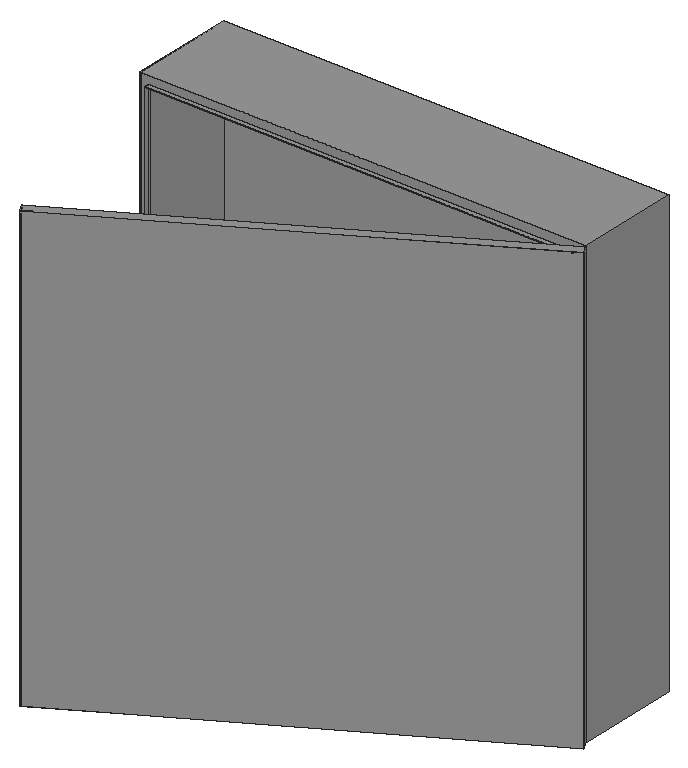
Revit family "Hager-Univers-IP44-D205-H800-Cl.I-Encl-NoHosted-CH-en", category Equipement électrique, Revit 2020
Family settings
  Configuration du panneau = Deux colonnes, circuits au sein
  Cote de connecteur circulaire = Utiliser le diamètre
  Type d'élément = Tableau de raccordement
  Basée sur le plan de construction = Oui
  Toujours verticalement = Oui
  Couper avec des vides une fois chargée = Non
  Partagée = Non
  Point de calcul de pièce = Non
Parameters (values of type "Surface mounted (plaster) IP44 W800 H800 D205  - FP53TN2")
  Width Control [instance] = if([EF000008 - Width] > Min Width, [EF000008 - Width], Min Width)  # 800 mm
  Commentaires du type = [HG000003 - Range]  # "Univers"
  Thickness Door [instance] = if([EF009171 - Material plate thickness door/cover] > 3 mm, 3 mm, [EF009171 - Material plate thickness door/cover])  # 1 mm
  Seal Frame Offset [instance] = 17 mm  # constant formula
  Plinth Visibility [instance] = [HG000027 - Plinth height] > 0 mm  # no
  Min Width [instance] = 100 mm  # constant formula
  Min Depth [instance] = (2 * [EF009170 - Material plate thickness cabinet]) + 1 mm  # 3 mm
  Min Height [instance] = 100 mm  # constant formula
  Internal Frame Depth [instance] = (Door System Depth * 0.5)  # 9 mm
  Panel Name [instance] = ""  # (empty or 0)
  Model = ""
  HG000027 - Plinth height = 0 mm
  HG000026 - Floor standing = no
  HG000024 - Bottom section height = 600 mm
  HG000023 - Double section enclosure = no
  HG000016 - Door 3d visibility [instance] = yes
  HG000015 - Clearance visibility [instance] = no
  HG000014 - Door on the right [instance] = yes
  HG000013 - Door on the left [instance] = not([HG000014 - Door on the right])  # no
  HG000012 - Door swing angle [instance] = 30.00°
  HG000010 - Asymmetric doors = no
  HG000009 - Double swing door = no
  HG000006 - Flush mounted = no
  HG000004 - Manufacturer reference = "FP53TN2"
  HG000003 - Range = "Univers"
  HG000002 - With door or cover = yes
  Frame Offset Bottom [instance] = 10 mm  # constant formula
  Frame Offset [instance] = 15 mm  # constant formula
  EF015940 - Cover with overpressure release = no
  EF011959 - Degree of protection (NEMA) = ""
  EF009554 - Number of openings for flange plates = 6
  EF009212 - Cover model = "EV000116 - Closed"
  EF009171 - Material plate thickness door/cover = 1 mm
  EF009170 - Material plate thickness cabinet = 1 mm
  EF008873 - Nominal current (In) = 250 A
  EF007800 - Suitable for lightning protection = no
  EF006306 - With lock = no
  EF006244 - Transparent cover/door = no
  EF005474 - Degree of protection (IP) = "EV006418 - IP44"
  EF004464 - Type of door = "EV002646 - Single"
  EF004427 - Number of modules = 180
  EF004293 - Impact strength = "EV006815 - IK09"
  EF003532 - Suitable for outdoor use = no
  EF002950 - Width in number of modular spacings = 36
  EF001613 - Circuit integrity = "EV000494 - None"
  EF001596 - Material housing = "EV000179 - Steel"
  EF001131 - Internal depth = 205 mm
  EF001088 - Extension possible = yes
  EF000437 - Number of conduit inlets = 6
  EF000339 - Type of cover = "EV001012 - Cover"
  EF000266 - Number of rows = 5
  EF000218 - Built-in depth = 205 mm
  EF000118 - With mounting plate = no
  EF000116 - RAL-number = "9010"
  EF000049 - Depth = 205 mm
  EF000040 - Height = 800 mm
  EF000008 - Width = 800 mm
  EF000007 - Colour = "EV000202 - White"
  EF000003 - Mounting method = "EV000384 - Surface mounted (plaster)"
  Door System Leaf Tolerance [instance] = 1.5 mm  # constant formula
  Door System Depth [instance] = 18 mm  # constant formula
  Door Height [instance] = Height Control - [HG000027 - Plinth height]  # 800 mm
  Description = ""
  Default Elevation = 1219.2 mm
  Connector Offset [instance] = Height Control / 2  # 400 mm
  Fabricant = "Hager"  # constant formula
  Height Control [instance] = if([EF000040 - Height] > Min Height, [EF000040 - Height], Min Height)  # 800 mm
  Depth Control [instance] = if([EF000049 - Depth] > Min Depth, [EF000049 - Depth], Min Depth)  # 205 mm
  Bottom Top Plate Trim [instance] = 1.5 mm  # constant formula
  Plinth height Ctrl [instance] = if([HG000027 - Plinth height] > 0 mm, [HG000027 - Plinth height], 12 mm)  # 12 mm
Types (10, lengths in mm): name | Width Control | HG000010 - Asymmetric doors | HG000009 - Double swing door | HG000004 - Manufacturer reference | EF009554 - Number of openings for flange plates | EF004464 - Type of door | EF004427 - Number of modules | EF002950 - Width in number of modular spacings | EF000437 - Number of conduit inlets | EF000218 - Built-in depth | EF000008 - Width
  Surface mounted (plaster) IP44 W1050 H800 D205  - FP54QT | 1050 | no | no | "FP54QT" | 8 | "EV003602 - Double" | 240 | 48 | 8 | 0 | 1050
  Surface mounted (plaster) IP44 W1050 H800 D205  - FP54TN2 | 1050 | no | yes | "FP54TN2" | 8 | "EV003602 - Double" | 240 | 48 | 8 | 205 | 1050
  Surface mounted (plaster) IP44 W1300 H800 D205  - FP55QT | 1300 | no | no | "FP55QT" | 10 | "EV003602 - Double" | 300 | 60 | 10 | 0 | 1300
  Surface mounted (plaster) IP44 W1300 H800 D205  - FP55TN2 | 1300 | yes | yes | "FP55TN2" | 10 | "EV003602 - Double" | 300 | 60 | 10 | 205 | 1300
  Surface mounted (plaster) IP44 W300 H800 D205  - FP51QT | 300 | no | no | "FP51QT" | 2 | "EV002646 - Single" | 60 | 12 | 2 | 0 | 300
  Surface mounted (plaster) IP44 W300 H800 D205  - FP51TN2 | 300 | no | no | "FP51TN2" | 2 | "EV002646 - Single" | 60 | 12 | 2 | 205 | 300
  Surface mounted (plaster) IP44 W550 H800 D205  - FP52QT | 550 | no | no | "FP52QT" | 4 | "EV002646 - Single" | 120 | 24 | 4 | 0 | 550
  Surface mounted (plaster) IP44 W550 H800 D205  - FP52TN2 | 550 | no | no | "FP52TN2" | 4 | "EV002646 - Single" | 120 | 24 | 4 | 205 | 550
  Surface mounted (plaster) IP44 W800 H800 D205  - FP53QT | 800 | no | no | "FP53QT" | 6 | "EV002646 - Single" | 180 | 36 | 6 | 0 | 800
  Surface mounted (plaster) IP44 W800 H800 D205  - FP53TN2 | 800 | no | no | "FP53TN2" | 6 | "EV002646 - Single" | 180 | 36 | 6 | 205 | 800
Reference planes
  plane 1 "Center (Front/Back)": y = 0
  plane 2: z = 0
  plane 3 "Center (Left/Right)": x = 0
  plane 4: y = 0
  plane 5: y = 0
  plane 6: z = 0
  plane 7: x = -400
  plane 8: x = 400
  plane 9: x = 399
  plane 10: x = -399
  plane 11: z = 0
  plane 12: z = 1
  plane 13: y = -205
  plane 14: y = -1
  plane 15: x = 0
  plane 16: y = -187
  plane 17: y = -204
  plane 18: y = -186
  plane 19: x = -384
  plane 20: x = 384
  plane 21: z = 11
  plane 22: x = -383
  plane 23: x = 383
  plane 24: z = 0
  plane 25: z = 800
  plane 26: z = 800
  plane 27: z = 784
  plane 28: z = 799
Forms (mm)
  Extrusion 1, solid, material "Hager_Steel_RAL7035_Light_Grey", detail levels medium+fine
    sketch origin (-208.679, -4572, 0) x (-1, 0, 0) y (0, -1, 0)
      loop
        line (191.321, -4385) -> (-608.679, -4385) -> (-608.679, -4572) -> (191.321, -4572) -> (191.321, -4385)
    from 0 to 800
  Extrusion 2, void
    sketch origin (-350.771, -205, 1219.2) x (1, 0, 0) y (0, 0, 1)
      loop
        line (-48.229, -420.2) -> (-48.229, -1218.2) -> (749.771, -1218.2) -> (749.771, -420.2) -> (-48.229, -420.2)
    from -19 to -204
  Extrusion 3, void
    sketch origin (-290.084, -187, 1219.2) x (1, 0, 0) y (0, 0, 1)
      loop
        line (-93.916, -1208.2) -> (674.084, -1208.2) -> (674.084, -435.2) -> (-93.916, -435.2) -> (-93.916, -1208.2)
    from 0 to -1
  Extrusion 4, solid, material "Hager_Steel_RAL7035_Light_Grey", visible <- "Plinth Visibility", detail levels medium+fine
    sketch origin (0, 0, 0) x (1, 0, 0) y (0, 1, 0)
      loop
        line (-400, 0) -> (-400, -187) -> (400, -187) -> (400, 0) -> (-400, 0)
    from 0 to 12 <- "Plinth height Ctrl"
  Extrusion 5, solid, material "Hager_Steel_RAL7035_Light_Grey", detail levels coarse
    sketch origin (0, 0, 0) x (1, 0, 0) y (0, 1, 0)
      loop
        line (-400, 0) -> (-400, -205) -> (400, -205) -> (400, 0) -> (-400, 0)
    from 0 to 800 <- "Height Control"
  Sweep 6, void
    path in 3D
      loop
        line (-400, -187, 12) -> (400, -187, 12) -> (400, 0, 12) -> (-400, 0, 12) -> (-400, -187, 12)
    profile origin (-400, -93.5, 12) x (1, 0, 0) y (0, 0, 1)
      loop
        line (0, 0) -> (0, -1.5) -> (1.5, -1.5)
        arc (1.5, -1.5) -> (1.061, -0.439) -> (0, 0) r 1.5
  Extrusion 7, solid, material "Hager_Steel_RAL7035_Light_Grey", detail levels fine
    sketch origin (-400, -187, 0) x (1, 0, 0) y (0, 0, 1)
      loop
        line (16, 11) -> (784, 11) -> (784, 784) -> (16, 784) -> (16, 11)
      loop
        line (15, 10) -> (785, 10) -> (785, 785) -> (15, 785) -> (15, 10)
    from 0 to 9 <- "Internal Frame Depth"
Cuts and joins
  Extrusion 2, Extrusion 3 cuts Extrusion 1
  Sweep 6 cuts Extrusion 4
Lines and regions (mm)
  Masking region 1
    outline origin (0, 0, 0) x (1, 0, 0) y (0, 1, 0)
      loop
        line (-400, 0) -> (-400, -205) -> (400, -205) -> (400, 0) -> (-400, 0)
  Masking region 2, detail levels coarse
    outline origin (-290.084, -187, 1219.2) x (-1, 0, 0) y (0, 0, 1)
      loop
        line (-690.084, -1219.2) -> (109.916, -1219.2) -> (109.916, -419.2) -> (-690.084, -419.2) -> (-690.084, -1219.2)
  Masking region 3, detail levels coarse
    outline origin (0, 0, 0) x (0, 1, 0) y (0, 0, 1)
      loop
        line (0, 0) -> (0, 800) -> (-205, 800) -> (-205, 0) -> (0, 0)
  Masking region 4, visible <- "Plinth Visibility", detail levels medium+fine
    outline origin (0, 0, 0) x (0, 1, 0) y (0, 0, 1)
      loop
        line (-1.5, 12) -> (-185.5, 12)
        arc (-185.5, 12) -> (-185.939, 10.939) -> (-187, 10.5) r 1.5
        line (-187, 10.5) -> (-187, 0) -> (0, 0) -> (0, 10.5)
        arc (0, 10.5) -> (-1.061, 10.939) -> (-1.5, 12) r 1.5
  Masking region 5, detail levels medium+fine
    outline origin (0, 0, 594.038) x (0, 1, 0) y (0, 0, 1)
      loop
        line (0, -594.038) -> (0, 205.962) -> (-187, 205.962) -> (-187, -594.038) -> (0, -594.038)
  Masking region 6, detail levels medium+fine
    outline origin (-359.7, -187, 1211.883) x (-1, 0, 0) y (0, 0, 1)
      loop
        line (-759.7, -1211.883) -> (40.3, -1211.883) -> (40.3, -411.883) -> (-759.7, -411.883) -> (-759.7, -1211.883)
  Masking region 7, visible <- "Plinth Visibility", detail levels medium+fine
    outline origin (-320.334, -187, 1041.368) x (-1, 0, 0) y (0, 0, 1)
      loop
        line (-720.334, -1041.368) -> (79.666, -1041.368) -> (79.666, -1030.868)
        arc (79.666, -1030.868) -> (78.606, -1030.429) -> (78.166, -1029.368) r 1.5
        line (78.166, -1029.368) -> (-718.834, -1029.368)
        arc (-718.834, -1029.368) -> (-719.273, -1030.429) -> (-720.334, -1030.868) r 1.5
        line (-720.334, -1030.868) -> (-720.334, -1041.368)
  sketch lines
    curve 1: line (-400, 0, 12) -> (-400, -187, 12)
    curve 2: line (-400, -187, 12) -> (400, -187, 12)
    curve 3: line (400, 0, 12) -> (-400, 0, 12)
    curve 4: line (400, -187, 12) -> (400, 0, 12)
Dimensions and locks
  locked: plane 1 "Center (Front/Back)" to plane 5
  "EF009170 - Material plate thickness cabinet": plane 7 to plane 10
  "EF009170 - Material plate thickness cabinet": plane 8 to plane 9
  equal spacing: plane 7, plane 3 "Center (Left/Right)", plane 8
  "Width Control": plane 7 to plane 8
  "Depth Control": plane 4 to plane 13
  "EF009170 - Material plate thickness cabinet": plane 4 to plane 14
  "Height Control": plane 25 to level
  "HG000027 - Plinth height": plane 11 to level
  "EF009170 - Material plate thickness cabinet": plane 12 to plane 11
  "EF009170 - Material plate thickness cabinet": plane 17 to plane 13
  "EF009170 - Material plate thickness cabinet": plane 18 to plane 16
  "Frame Offset Bottom": plane 21 to plane 12
  "Frame Offset": plane 10 to plane 19
  "Frame Offset": plane 9 to plane 20
  "Door System Depth": plane 16 to plane 13
  "Seal Frame Offset": plane 7 to plane 22
  "Seal Frame Offset": plane 8 to plane 23
  "EF009170 - Material plate thickness cabinet": plane 26 to plane 28
  "Frame Offset": plane 28 to plane 27
  "Connector Offset": plane 2 to connector elem
  "Bottom Top Plate Trim": profile plane to Sweep 6 sketch curve
  "Bottom Top Plate Trim": Sweep 6 sketch curve to Sweep 6 sketch curve
  "Plinth height Ctrl": Masking region 4 sketch curve to level
  "Plinth height Ctrl": Masking region 7 sketch curve to level
  "Thickness Door": Extrusion 7 sketch curve to Extrusion 7 sketch curve  (x4)
  "Bottom Top Plate Trim": radius of Sweep 6 sketch curve
  "Bottom Top Plate Trim": radius of Masking region 4 sketch curve  (x2)
  "Bottom Top Plate Trim": radius of Masking region 7 sketch curve  (x2)
  aligned and locked: Extrusion 2 sketch curve to plane 12
  aligned and locked: Extrusion 2 sketch curve to plane 9
  aligned and locked: Extrusion 2 sketch curve to plane 10
  aligned and locked: Extrusion 2 to plane 14
  aligned and locked: Extrusion 1 sketch curve to plane 4
  aligned and locked: plane 8 to Extrusion 1 sketch curve
  aligned and locked: plane 7 to Extrusion 1 sketch curve
  aligned and locked: Extrusion 2 to plane 18
  aligned and locked: Extrusion 3 sketch curve to plane 19
  aligned and locked: plane 20 to Extrusion 3 sketch curve
  aligned and locked: Extrusion 3 to Extrusion 2
  aligned and locked: Extrusion 3 sketch curve to plane 21
  aligned and locked: plane 3 "Center (Left/Right)" to nested 1
  aligned and locked: Extrusion 1 sketch curve to plane 16
  aligned and locked: Extrusion 4 sketch curve to cut or joined group of Extrusion 1, Extrusion 2, Extrusion 3
  aligned and locked: Masking region 1 sketch curve to plane 7
  aligned and locked: Masking region 1 sketch curve to plane 5
  aligned and locked: Masking region 1 sketch curve to plane 8
  aligned and locked: Masking region 2 sketch curve to level
  aligned and locked: level to Masking region 3 sketch curve
  aligned and locked: plane 1 "Center (Front/Back)" to Masking region 3 sketch curve
  aligned and locked: plane 13 to Masking region 3 sketch curve
  aligned and locked: plane 5 to Masking region 4 sketch curve
  aligned and locked: Masking region 2 sketch curve to plane 8
  aligned and locked: Masking region 2 sketch curve to plane 7
  aligned and locked: plane 7 to nested 2
  aligned and locked: nested 2 to plane 5
  aligned and locked: plane 5 to Masking region 5 sketch curve
  aligned and locked: plane 26 to Masking region 5 sketch curve
  aligned and locked: Extrusion 5 sketch curve to plane 8
  aligned and locked: Extrusion 5 sketch curve to plane 7
  aligned and locked: Extrusion 5 sketch curve to plane 5
  aligned and locked: Extrusion 3 sketch curve to plane 27
  aligned and locked: Extrusion 2 sketch curve to plane 28
  aligned and locked: Masking region 2 to plane 25
  aligned and locked: Extrusion 4 to plane 16
  aligned and locked: profile plane to Sweep 6 sketch curve
  aligned and locked: Masking region 5 sketch curve to plane 24
  aligned and locked: level to Masking region 4 sketch curve
  aligned and locked: Masking region 1 to plane 13
  aligned and locked: nested 1 to plane 16
  aligned and locked: Masking region 3 to plane 25
  aligned and locked: plane 16 to Masking region 4 sketch curve
  aligned and locked: Masking region 5 sketch curve to plane 16
  aligned and locked: plane 24 to plane 11
  aligned and locked: plane 26 to plane 25
  aligned and locked: plane 26 to cut or joined group of Extrusion 1, Extrusion 2, Extrusion 3
  aligned and locked: nested 1 to plane 24
  aligned and locked: Extrusion 1 to Extrusion 3
  aligned and locked: Masking region 6 sketch curve to plane 8
  aligned and locked: Masking region 6 sketch curve to plane 24
  aligned and locked: Masking region 6 sketch curve to plane 7
  aligned and locked: Masking region 6 sketch curve to plane 26
  aligned and locked: Masking region 7 sketch curve to plane 7
  aligned and locked: level to Masking region 7 sketch curve
  aligned and locked: Masking region 7 sketch curve to plane 8
  aligned and locked: Extrusion 7 sketch curve to cut or joined group of Extrusion 1, Extrusion 2, Extrusion 3  (x4)
Automatic sketch dimensions
  plane 19 to Extrusion 3 sketch curve = 0 mm
  Extrusion 3 sketch curve to plane 20 = 0 mm
  Extrusion 3 sketch curve to plane 21 = 0 mm
  Extrusion 4 sketch curve to plane 7 = 0 mm
  Extrusion 4 sketch curve to plane 8 = 0 mm
  Extrusion 4 sketch curve to plane 16 = 0 mm
  Masking region 1 sketch curve to plane 13 = 0 mm
  Masking region 2 sketch curve to plane 25 = 0 mm
  Masking region 3 sketch curve to plane 25 = 0 mm
  Extrusion 5 sketch curve to plane 13 = 0 mm
  profile plane to Sweep 6 sketch curve = 0 mm
Nested families
  nested 1: "EC000058_Univers_Door" at (0, -187, 0), Double <- "HG000009 - Double swing door", Transparent <- "EF006244 - Transparent cover/door", Angle <- "HG000012 - Door swing angle", Door_Right <- "HG000014 - Door on the right", Assymetrical <- "HG000010 - Asymmetric doors", Door <- "HG000002 - With door or cover", Width_Ctrl <- "Width Control", 3d_Door <- "HG000016 - Door 3d visibility", Clearance <- "HG000015 - Clearance visibility", Door_Left <- "HG000013 - Door on the left", Width <- "Width Control", Door_Depth <- "Door System Depth", Leaf_Tolerance <- "Door System Leaf Tolerance", Height <- "Door Height", Lock_Visibility <- "EF006306 - With lock", Thickness <- "Thickness Door", type "EC000058_Univers_Door", detail levels medium+fine
    with min_wh 3 mm, Width_Ctrl 800 mm, Width 800 mm, Transparent no, Thickness 1 mm, Seal_Material Hager_Rubber, Lock_Visibility no, Lock_Material Hager_Plastic_RAL9005_Jet_Black, Leaf_Width 800 mm, Leaf_Tolerance_External_Sides 0 mm, Leaf_Tolerance 1.5 mm, Leaf_Offset 0 mm, Leaf_Height 797 mm, Leaf_2_Width 800 mm, Leaf_2_Offset 400 mm, Leaf_1_Width 800 mm, Leaf_1_Offset 400 mm, Height_Ctrl 800 mm, Height 800 mm, Glass_Material Hager_Glass, Double_Clearance_Ctrl no, Double no, Door_Right_Ctrl yes, Door_Right yes, Door_Material Hager_Steel_RAL7035_Light_Grey, Door_Left_Ctrl no, Door_Left no, Door_Depth 18 mm, Door yes, Clearance_Material Hager_Clearance, Clearance_Depth 800 mm, Clearance_Ctrl no, Clearance no, Assymetrical no, Angle 30.00°, 3d_Door yes
  nested 2: "Hager_Enclosure_Symbol" at (-400, 0, 0), Height <- "Depth Control", Width <- "Width Control", type "Hager_Enclosure_Symbol"
    with Width_Ctrl 800 mm, Width 800 mm, Height_Ctrl 205 mm, Height 205 mm, A_Width_Int 13.453 mm, A_Width 161.438 mm, A_Height_Ctrl 179.375 mm, A_Height 179.375 mm
Connectors
  electrical at (0, 0, 400)
    settings: on plane 1 "Center (Front/Back)", index 1, voltage 0 V, apparent load 0 VA, apparent load phase1 0 VA, apparent load phase2 0 VA, apparent load phase3 0 VA, power factor 1, load classification "Other", number of poles 1, system type 30, power factor state 1, is connector primary yes, connector utility no, sub classification motor no, connector description ""
Definition of nested family "EC000058_Univers_Door"
  Parameters (values of type "EC000058_Univers_Door")
    min_wh [instance] = (2 * Thickness) + 1 mm  # 11 mm
    Width_Ctrl [instance] = 400 mm
    Width [instance] = 500 mm
    Transparent [instance] = yes
    Thickness [instance] = 5 mm
    Seal_Material [instance] = none
    Lock_Visibility [instance] = yes
    Lock_Material [instance] = none
    Leaf_Width [instance] = if((Width_Ctrl - 2 * Leaf_Tolerance_External_Sides) > 0 mm, (Width_Ctrl - 2 * Leaf_Tolerance_External_Sides), min_wh)  # 400 mm
    Leaf_Tolerance_External_Sides [instance] = 0 mm  # constant formula
    Leaf_Tolerance [instance] = 1.5 mm
    Leaf_Offset [instance] = 0 mm  # constant formula
    Leaf_Height [instance] = if((Height_Ctrl - 2 * Leaf_Tolerance) > 0 mm, (Height_Ctrl - 2 * Leaf_Tolerance), min_wh)  # 497 mm
    Leaf_2_Width [instance] = if(and(and(Double, Assymetrical), Door_Left), (Leaf_Width / 3) - (Leaf_Tolerance / 2), if(and(and(Double, Assymetrical), Door_Right), (Leaf_Width / 3) * 2 - (Leaf_Tolerance / 2), if(and(Double, not(Assymetrical)), (Leaf_Width / 2) - Leaf_Tolerance, Leaf_Width)))  # 400 mm
    Leaf_2_Offset [instance] = if(and(Double, Assymetrical), Leaf_2_Width / 2, if(and(Double, not(Assymetrical)), Leaf_Width / 4, Leaf_Width / 2))  # 200 mm
    Leaf_1_Width [instance] = if(and(and(Double, Assymetrical), Door_Right), (Leaf_Width / 3) - (Leaf_Tolerance / 2), if(and(and(Double, Assymetrical), Door_Left), (Width / 3) * 2 - (Leaf_Tolerance / 2), if(and(Double, not(Assymetrical)), (Leaf_Width / 2) - Leaf_Tolerance, Leaf_Width)))  # 400 mm
    Leaf_1_Offset [instance] = if(and(Double, Assymetrical), Leaf_1_Width / 2, if(and(Double, not(Assymetrical)), Leaf_Width / 4, Leaf_Width / 2))  # 200 mm
    Height_Ctrl [instance] = if(Height > min_wh, Height, min_wh)  # 500 mm
    Height [instance] = 500 mm
    Glass_Material [instance] = none
    Double_Clearance_Ctrl [instance] = and(Double, Clearance)  # no
    Double [instance] = no
    Door_Right_Ctrl [instance] = and(or(Door_Right, Double), Door)  # yes
    Door_Right [instance] = yes
    Door_Material [instance] = none
    Door_Left_Ctrl [instance] = and(or(Door_Left, Double), Door)  # no
    Door_Left [instance] = no
    Door_Depth [instance] = 30 mm
    Door [instance] = yes
    Default Elevation = 1219.2 mm
    Clearance_Material [instance] = none
    Clearance_Depth [instance] = if(Leaf_1_Width > Leaf_2_Width, Leaf_1_Width, Leaf_2_Width)  # 400 mm
    Clearance_Ctrl [instance] = and(not(Double), Clearance)  # yes
    Clearance [instance] = yes
    Assymetrical [instance] = yes
    Angle [instance] = 30.00°
    3d_Door [instance] = yes
  Reference planes
    plane 1 "Center (Front/Back)": y = 0
    plane 2 "Bottom": z = 0
    plane 3 "Center (Left/Right)": x = 0
    plane 4: z = 500
    plane 5: x = -200
    plane 6: x = 200
    plane 7: z = 500
    plane 8: x = -200
    plane 9: z = 0
    plane 10: x = 200
    plane 11: y = 0
    plane 12: z = 1.5
    plane 13: x = -600
    plane 14: y = -400
    plane 15: x = 600
    plane 16: x = 0
    plane 17: x = 0
    plane 18: x = -200
    plane 19: x = 200
    plane 20: z = 498.5
  Forms (mm)
    Extrusion 1, solid, material <- "Clearance_Material", visible <- "Double_Clearance_Ctrl"
      sketch origin (1200, 0, 0) x (1, 0, 0) y (0, 0, -1)
        loop
          line (-1800, -498.5) -> (-600, -498.5) -> (-600, 0) -> (-1800, 0) -> (-1800, -498.5)
      from 0 to -400
  Dimensions and locks
    equal spacing: plane 5, plane 3 "Center (Left/Right)", plane 6
    "Width_Ctrl": plane 5 to plane 6
    "Leaf_Offset": plane 5 to plane 8
    "Leaf_Offset": plane 6 to plane 10
    "Leaf_Offset": plane 9 to level
    "Leaf_Offset": plane 4 to plane 7
    "Height_Ctrl": plane 4 to level
    "Leaf_Tolerance": plane 12 to plane 9
    locked: plane 11 to plane 1 "Center (Front/Back)"
    "Leaf_1_Offset": plane 18 to plane 16
    "Leaf_2_Offset": plane 17 to plane 19
    "Leaf_1_Width": plane 13 to plane 8
    "Leaf_2_Width": plane 10 to plane 15
    "Clearance_Depth": plane 14 to plane 1 "Center (Front/Back)"
    "Leaf_Tolerance_External_Sides": plane 8 to plane 18
    "Leaf_Tolerance_External_Sides": plane 19 to plane 10
    "Leaf_Tolerance": plane 7 to plane 20
    aligned and locked: level to plane 2 "Bottom"
    aligned and locked: nested 1 to plane 16
    aligned and locked: nested 2 to plane 17
    aligned and locked: Extrusion 1 to plane 13
    aligned and locked: plane 15 to Extrusion 1
    aligned and locked: Extrusion 1 to plane 14
    aligned and locked: plane 12 to nested 1
    aligned and locked: nested 2 to plane 12
    aligned and locked: Extrusion 1 to plane 11
    aligned and locked: plane 20 to Extrusion 1
    aligned and locked: nested 2 to plane 11
    aligned and locked: nested 1 to plane 11
  Automatic sketch dimensions
    Extrusion 1 sketch curve to level = 0 mm
    plane 5 to Extrusion 1 sketch curve = 400 mm
    plane 6 to Extrusion 1 sketch curve = 400 mm
    Extrusion 1 sketch curve to plane 4 = 1.5 mm
  Nested families
    nested 1: "EC000058_Univers_Door_Leaf" at (0, 0, 1.5), Width <- "Leaf_1_Width", visible <- "Door_Left_Ctrl", Leaf_Height <- "Leaf_Height", Angle <- "Angle", 3d_Door <- "3d_Door", Transparent <- "Transparent", Clearance Material <- "Clearance_Material", Clearance <- "Clearance_Ctrl", Door_Material <- "Door_Material", Glass_Material <- "Glass_Material", Door_Depth <- "Door_Depth", Lock_Material <- "Lock_Material", Seal_Material <- "Seal_Material", Lock_Visibility <- "Lock_Visibility", Thickness <- "Thickness", type "EC000058_Univers_Door_Leaf"
      with Width 400 mm, Transparent_Glass_Offset 30 mm, Transparent_Ctrl yes, Transparent yes, Thickness 5 mm, Standard no, Seal_Material none, Seal_D2 8 mm, Seal_D1 1 mm, Offset_Internal_Frame 10 mm, Lock_Width 20 mm, Lock_Visibility_3d yes, Lock_Visibility yes, Lock_Thickness_3 3 mm, Lock_Thickness_2 1 mm, Lock_Thickness_1 3 mm, Lock_Radius_Offset_2 16 mm, Lock_Radius_Offset_1 15 mm, Lock_Radius_2 5 mm, Lock_Radius 6 mm, Lock_Offset 5 mm, Lock_Material none, Lock_Height 80 mm, Lock_Cover_Top_Offset_2d 17 mm, Lock_Cover_Height -65 mm, Leaf_Height 497 mm, Internal_Seal_Thickness 8 mm, Internal_Seal_Depth_2 4.5 mm, Internal_Frame_Depth 25 mm, Glass_Thickness -1 mm, Glass_Offset -2 mm, Glass_Material none, Door_Material none, Door_Depth 30 mm, Clearance Material none, Clearance yes, Angle_Ctrl 30.00°, Angle 30.00°, 3d_Door yes
    nested 2: "EC000058_Univers_Door_Leaf" at (0, 0, 1.5) x (-1, 0, 0) z (0, 0, 1), Width <- "Leaf_2_Width", visible <- "Door_Right_Ctrl", Leaf_Height <- "Leaf_Height", Angle <- "Angle", 3d_Door <- "3d_Door", Transparent <- "Transparent", Clearance Material <- "Clearance_Material", Clearance <- "Clearance_Ctrl", Door_Material <- "Door_Material", Glass_Material <- "Glass_Material", Door_Depth <- "Door_Depth", Lock_Material <- "Lock_Material", Seal_Material <- "Seal_Material", Lock_Visibility <- "Lock_Visibility", Thickness <- "Thickness", type "EC000058_Univers_Door_Leaf"
      with Width 400 mm, Transparent_Glass_Offset 30 mm, Transparent_Ctrl yes, Transparent yes, Thickness 5 mm, Standard no, Seal_Material none, Seal_D2 8 mm, Seal_D1 1 mm, Offset_Internal_Frame 10 mm, Lock_Width 20 mm, Lock_Visibility_3d yes, Lock_Visibility yes, Lock_Thickness_3 3 mm, Lock_Thickness_2 1 mm, Lock_Thickness_1 3 mm, Lock_Radius_Offset_2 16 mm, Lock_Radius_Offset_1 15 mm, Lock_Radius_2 5 mm, Lock_Radius 6 mm, Lock_Offset 5 mm, Lock_Material none, Lock_Height 80 mm, Lock_Cover_Top_Offset_2d 17 mm, Lock_Cover_Height -65 mm, Leaf_Height 497 mm, Internal_Seal_Thickness 8 mm, Internal_Seal_Depth_2 4.5 mm, Internal_Frame_Depth 25 mm, Glass_Thickness -1 mm, Glass_Offset -2 mm, Glass_Material none, Door_Material none, Door_Depth 30 mm, Clearance Material none, Clearance yes, Angle_Ctrl 30.00°, Angle 30.00°, 3d_Door yes
  Definition of nested family "EC000058_Univers_Door_Leaf"
    Parameters (values of type "EC000058_Univers_Door_Leaf")
      Width [instance] = 2000 mm
      Transparent_Glass_Offset [instance] = 30 mm
      Transparent_Ctrl [instance] = and(Transparent, [3d_Door])  # yes
      Transparent [instance] = yes
      Thickness [instance] = 5 mm
      Standard [instance] = and(not(Transparent), [3d_Door])  # no
      Seal_Material [instance] = none
      Seal_D2 [instance] = 8 mm  # constant formula
      Seal_D1 [instance] = 1 mm  # constant formula
      Offset_Internal_Frame [instance] = 10 mm  # constant formula
      Lock_Width [instance] = 20 mm  # constant formula
      Lock_Visibility_3d [instance] = and(Lock_Visibility, [3d_Door])  # yes
      Lock_Visibility [instance] = yes
      Lock_Thickness_3 [instance] = 3 mm  # constant formula
      Lock_Thickness_2 [instance] = 1 mm  # constant formula
      Lock_Thickness_1 [instance] = 3 mm  # constant formula
      Lock_Radius_Offset_2 [instance] = Lock_Radius_Offset_1 + 1 mm  # 16 mm
      Lock_Radius_Offset_1 [instance] = 15 mm  # constant formula
      Lock_Radius_2 [instance] = Lock_Radius - 1 mm  # 5 mm
      Lock_Radius [instance] = 6 mm  # constant formula
      Lock_Offset [instance] = 5 mm  # constant formula
      Lock_Material [instance] = none
      Lock_Height [instance] = 80 mm  # constant formula
      Lock_Cover_Top_Offset_2d [instance] = Lock_Radius_Offset_2 + 1 mm  # 17 mm
      Lock_Cover_Height [instance] = -(Lock_Height - Lock_Radius_Offset_1)  # -65 mm
      Leaf_Height [instance] = 2720.336 mm
      Internal_Seal_Thickness [instance] = 8 mm  # constant formula
      Internal_Seal_Depth_2 [instance] = 4.5 mm  # constant formula
      Internal_Frame_Depth [instance] = if(Door_Depth - Thickness > 5 mm, Door_Depth - Thickness, 5 mm)  # 25 mm
      Glass_Thickness [instance] = if(Thickness > 15 mm, Glass_Offset + 10 mm, -1 mm)  # -1 mm
      Glass_Offset [instance] = if(Thickness > 15 mm, -(Thickness + 10 mm) / 2, -2 mm)  # -2 mm
      Glass_Material [instance] = none
      Door_Material [instance] = none
      Door_Depth [instance] = 30 mm
      Default Elevation = 0 mm
      Clearance Material [instance] = none
      Clearance [instance] = yes
      Angle_Ctrl [instance] = if(Angle > 180.00°, 180.00°, Angle)  # 90.00°
      Angle [instance] = 90.00°
      3d_Door [instance] = yes
    Reference planes
      plane 1 "Center (Front/Back)": y = 0
      plane 2: z = 0
      plane 3 "Center (Left/Right)": x = 0
      plane 4: y = 2000
      plane 5: x = -1000
      plane 6: x = 1000
      plane 7: x = -3000
      plane 8: z = 2720.336
      plane 9: z = 30
      plane 10: z = 2690.336
      plane 11: x = 970
      plane 12: x = -970
      plane 13: y = -3
      plane 14: z = 107.833
      plane 15: y = -5
      plane 16: y = -223.314
      plane 17: x = -1000
      plane 18: z = 1360.168
      plane 19: y = 30
    Forms (mm)
      Extrusion 1, solid, material <- "Clearance Material", visible <- "Clearance"
        sketch origin (0, 0, 0) x (1, 0, 0) y (0, 0, 1)
          loop
            line (-3000, 2720.336) -> (-3000, 0) -> (1000, 0) -> (1000, 2720.336) -> (-3000, 2720.336)
        from 0 to -2000
      Extrusion 2, solid, material <- "Door_Material", visible <- "Standard", detail levels medium+fine
        sketch origin (-1000, 0, 0) x (0, 1, 0) y (-1, 0, 0)
          loop
            line (0, 30) -> (0, 25) -> (2000, 25) -> (2000, 30) -> (0, 30)
        from 0 to 2720.336 <- "Leaf_Height"
      Extrusion 3, solid, material <- "Door_Material", visible <- "Transparent_Ctrl", detail levels medium+fine
        sketch origin (-1000, 0, 0) x (0, 1, 0) y (-1, 0, 0)
          loop
            line (0, 25) -> (2000, 25) -> (2000, 30) -> (0, 30) -> (0, 25)
        from 0 to 2720.336 <- "Leaf_Height"
      Extrusion 4, void
        sketch origin (-1025, 2000, 0) x (0, 1, 0) y (0, 0, -1)
          loop
            line (-30, -2690.336) -> (-30, -30) -> (-1970, -30) -> (-1970, -2690.336) -> (-30, -2690.336)
        from 0 to 5 <- "Thickness"
      Sweep 5, solid, material <- "Seal_Material", visible <- "Transparent_Ctrl", detail levels fine
        path in 3D
          loop
            line (-1025, 30, 30) -> (-1025, 30, 2690.336) -> (-1025, 1970, 2690.336) -> (-1025, 1970, 30) -> (-1025, 30, 30)
        profile origin (-1025, 1000, 30) x (1, 0, 0) y (0, 0, 1)
          loop
            line (0, 0) -> (0, -8) -> (1, -8) -> (1, 0) -> (0, 0)
      Extrusion 6, solid, material <- "Glass_Material", visible <- "Transparent_Ctrl", detail levels medium+fine
        sketch origin (-1030, 0, 0) x (0, 1, 0) y (0, 0, -1)
          loop
            line (1970, -2690.336) -> (1970, -30) -> (30, -30) -> (30, -2690.336) -> (1970, -2690.336)
        from -2 <- "Glass_Offset" to -1 <- "Glass_Thickness"
      Extrusion 7, solid, material <- "Door_Material", visible <- "3d_Door", detail levels medium+fine
        sketch origin (-1025, 2000, 0) x (0, -1, 0) y (0, 0, -1)
          loop
            line (0, -2720.336) -> (2000, -2720.336) -> (2000, 0) -> (0, 0) -> (0, -2720.336)
          loop
            line (1995, -5) -> (5, -5) -> (5, -2715.336) -> (1995, -2715.336) -> (1995, -5)
        from 0 to 25 <- "Internal_Frame_Depth"
      Sweep 8, solid, material <- "Seal_Material", visible <- "Transparent_Ctrl", detail levels fine
        path in 3D
          loop
            line (-1025, 0, 0) -> (-1025, 2000, 0) -> (-1025, 2000, 2720.336) -> (-1025, 0, 2720.336) -> (-1025, 0, 0)
        profile origin (-1025, 0, 1360.168) x (1, 0, 0) y (0, 1, 0)
          loop
            line (0, 10) -> (2.975, 10)
            arc (2.975, 10) -> (4.053, 10.447) -> (4.5, 11.525) r 1.525
            line (4.5, 11.525) -> (4.5, 16.527)
            arc (4.5, 16.527) -> (4.069, 17.569) -> (3.027, 18) r 1.473
            line (3.027, 18) -> (0, 18) -> (0, 10)
      Extrusion 9, solid, material <- "Lock_Material", visible <- "Lock_Visibility_3d", detail levels fine
        sketch origin (-1030, 0, 0) x (0, 1, 0) y (0, 0, -1)
          loop
            arc (1993.5, -1400.168) -> (1994.561, -1399.729) -> (1995, -1398.668) r 1.5
            line (1995, -1398.668) -> (1995, -1320.168) -> (1975, -1320.168) -> (1975, -1398.668)
            arc (1975, -1398.668) -> (1975.439, -1399.729) -> (1976.5, -1400.168) r 1.5
            line (1976.5, -1400.168) -> (1993.5, -1400.168)
        from 3 <- "Lock_Thickness_1" to 0
      Blend 10, solid, material <- "Lock_Material", visible <- "Lock_Visibility_3d", detail levels fine
        base sketch origin (-1033, 0, 0) x (0, 1, 0) y (0, 0, -1)
          loop
            line (1975, -1320.168) -> (1975, -1398.668)
            arc (1975, -1398.668) -> (1975.439, -1399.729) -> (1976.5, -1400.168) r 1.5
            line (1976.5, -1400.168) -> (1993.5, -1400.168)
            arc (1993.5, -1400.168) -> (1994.561, -1399.729) -> (1995, -1398.668) r 1.5
            line (1995, -1398.668) -> (1995, -1320.168) -> (1975, -1320.168)
        top sketch origin (-1033, 0, 0) x (0, 1, 0) y (0, 0, -1)
          loop
            line (1976, -1320.168) -> (1976, -1398.668)
            arc (1976, -1398.668) -> (1976.146, -1399.022) -> (1976.5, -1399.168) r 0.5
            line (1976.5, -1399.168) -> (1993.5, -1399.168)
            arc (1993.5, -1399.168) -> (1993.854, -1399.022) -> (1994, -1398.668) r 0.5
            line (1994, -1398.668) -> (1994, -1320.168) -> (1976, -1320.168)
        from 0 to 1 <- "Lock_Thickness_2"
      Blend 11, solid, material <- "Lock_Material", visible <- "Lock_Visibility_3d", detail levels fine
        base sketch origin (-1034, 0, 0) x (0, 1, 0) y (0, 0, -1)
          loop
            line (1978, -1320.168) -> (1978, -1384.168)
            arc (1978, -1384.168) -> (1985, -1391.168) -> (1992, -1384.168) r 7
            line (1992, -1384.168) -> (1992, -1320.168) -> (1978, -1320.168)
        top sketch origin (-1034, 0, 0) x (0, 1, 0) y (0, 0, -1)
          loop
            line (1991, -1320.168) -> (1979, -1320.168) -> (1979, -1383.168)
            arc (1979, -1383.168) -> (1985, -1389.168) -> (1991, -1383.168) r 6
            line (1991, -1383.168) -> (1991, -1320.168)
        from 0 to 3 <- "Lock_Thickness_3"
      Extrusion 12, solid, material <- "Lock_Material", visible <- "Lock_Visibility_3d", detail levels fine
        sketch origin (-1030, 1975, 1320.168) x (1, 0, 0) y (0, -1, 0)
          loop
            line (-7, -19) -> (-7, -1) -> (0, -1) -> (0, 0) -> (-8, 0) -> (-8, -20) -> (0, -20) -> (0, -19) -> (-7, -19)
        from 0 to -65 <- "Lock_Cover_Height"
      Extrusion 13, void
        sketch origin (-1038, 1995, 1320.168) x (-1, 0, 0) y (0, 0, -1)
          loop
            line (-5, -65) -> (0, -65) -> (-5, -60) -> (-5, -65)
        from 0 to 20 <- "Lock_Width"
      Extrusion 14, void
        sketch origin (-1038, 1975, 1320.168) x (0, -1, 0) y (0, 0, -1)
          loop
            circle (-10, -15.995) r 6
          loop
            circle (-10, -15.995) r 5
        from 0 to 2
      Extrusion 15, solid, material <- "Lock_Material", visible <- "Lock_Visibility_3d", detail levels medium
        sketch origin (-1030, 0, 0) x (0, 1, 0) y (0, 0, -1)
          loop
            arc (1993.5, -1400.168) -> (1994.561, -1399.729) -> (1995, -1398.668) r 1.5
            line (1995, -1398.668) -> (1995, -1320.168) -> (1975, -1320.168) -> (1975, -1398.668)
            arc (1975, -1398.668) -> (1975.439, -1399.729) -> (1976.5, -1400.168) r 1.5
            line (1976.5, -1400.168) -> (1993.5, -1400.168)
        from 8 to 0
    Cuts and joins
      Extrusion 4 cuts Extrusion 3
      Extrusion 13, Extrusion 14 cuts Extrusion 9
      Extrusion 14 cuts Blend 11
      Extrusion 13, Extrusion 14 cuts Extrusion 12
      joined: Extrusion 9, Blend 10, Blend 11, Extrusion 12
      Extrusion 14 cuts Extrusion 15
    Lines and regions (mm)
      Masking region 1, visible <- "Lock_Visibility", detail levels fine
        outline origin (0, 0, 0) x (0, 1, 0) y (0, 0, 1)
          loop
            line (30, 1320.168) -> (33, 1320.168) -> (33, 1400.168) -> (30, 1400.168) -> (30, 1320.168)
      Masking region 2, visible <- "Lock_Visibility", detail levels fine
        outline origin (0, 3.143, 0) x (0, 1, 0) y (0, 0, 1)
          loop
            line (29.857, 1354.168) -> (30.857, 1354.168) -> (30.857, 1366.168) -> (29.857, 1366.168) -> (29.857, 1354.168)
      Masking region 3, detail levels medium+fine
        outline origin (0, 0, 0) x (0, 1, 0) y (0, 0, 1)
          loop
            line (0, 0) -> (30, 0) -> (30, 2720.336) -> (0, 2720.336) -> (0, 0)
      Masking region 4, detail levels medium+fine
        outline origin (0, 0, 0) x (1, 0, 0) y (0, 0, 1)
          loop
            line (-1000, 2720.336) -> (-1000, 0) -> (1000, 0) -> (1000, 2720.336) -> (-1000, 2720.336)
      Masking region 5, visible <- "Lock_Visibility", detail levels fine
        outline origin (-47.116, 0, 0) x (1, 0, 0) y (0, 0, 1)
          loop
            arc (1024.616, 1399.168) -> (1023.556, 1398.729) -> (1023.116, 1397.668) r 1.5
            line (1023.116, 1397.668) -> (1023.116, 1320.168) -> (1041.116, 1320.168) -> (1041.116, 1397.668)
            arc (1041.116, 1397.668) -> (1040.677, 1398.729) -> (1039.616, 1399.168) r 1.5
            line (1039.616, 1399.168) -> (1024.616, 1399.168)
      Masking region 6, visible <- "Lock_Visibility", detail levels medium+fine
        outline origin (-25, 0, 0) x (1, 0, 0) y (0, 0, 1)
          loop
            arc (1001.5, 1400.168) -> (1000.439, 1399.729) -> (1000, 1398.668) r 1.5
            line (1000, 1398.668) -> (1000, 1320.168) -> (1020, 1320.168) -> (1020, 1398.668)
            arc (1020, 1398.668) -> (1019.561, 1399.729) -> (1018.5, 1400.168) r 1.5
            line (1018.5, 1400.168) -> (1001.5, 1400.168)
      Masking region 7, visible <- "Lock_Visibility", detail levels fine
        outline origin (-73.735, 0, 0) x (1, 0, 0) y (0, 0, 1)
          loop
            line (1051.735, 1382.168) -> (1065.735, 1382.168) -> (1065.735, 1384.168)
            arc (1065.735, 1384.168) -> (1058.735, 1391.168) -> (1051.735, 1384.168) r 7
            line (1051.735, 1384.168) -> (1051.735, 1382.168)
      Masking region 8, visible <- "Lock_Visibility", detail levels fine
        outline origin (-73.735, 0, 0) x (1, 0, 0) y (0, 0, 1)
          loop
            line (1052.735, 1382.168) -> (1064.735, 1382.168) -> (1064.735, 1383.168)
            arc (1064.735, 1383.168) -> (1058.735, 1389.168) -> (1052.735, 1383.168) r 6
            line (1052.735, 1383.168) -> (1052.735, 1382.168)
      Masking region 9, visible <- "Lock_Visibility", detail levels fine
        outline origin (-25, 0, 0) x (1, 0, 0) y (0, 0, 1)
          loop
            line (1020, 1320.168) -> (1020, 1382.168) -> (1000, 1382.168) -> (1000, 1320.168) -> (1020, 1320.168)
      Masking region 10, detail levels medium+fine
        outline origin (0, 0, 0) x (1, 0, 0) y (0, 0, 1)
          loop
            circle (985, 1335.144) r 6
      Masking region 11, detail levels fine
        outline origin (0, 0, 0) x (1, 0, 0) y (0, 0, 1)
          loop
            circle (985, 1335.144) r 5
      Masking region 12, visible <- "Lock_Visibility", detail levels fine
        outline origin (0, 12.767, 0) x (0, 1, 0) y (0, 0, 1)
          loop
            line (20.233, 1320.168) -> (21.233, 1320.168) -> (21.233, 1399.168) -> (20.233, 1400.168) -> (20.233, 1320.168)
      Masking region 13, visible <- "Lock_Visibility", detail levels fine
        outline origin (0, 13.767, -10) x (0, 1, 0) y (0, 0, 1)
          loop
            line (20.233, 1330.168) -> (23.233, 1330.168) -> (23.233, 1399.168) -> (20.233, 1402.168) -> (20.233, 1330.168)
      Masking region 14, visible <- "Lock_Visibility", detail levels fine
        outline origin (0, 12.767, -10) x (0, 1, 0) y (0, 0, 1)
          loop
            line (20.233, 1330.168) -> (25.233, 1330.168) -> (25.233, 1399.305) -> (20.233, 1394.305) -> (20.233, 1330.168)
      Masking region 15, visible <- "Lock_Visibility", detail levels medium
        outline origin (0, 0, 0) x (0, 1, 0) y (0, 0, 1)
          loop
            line (30, 1320.168) -> (38, 1320.168) -> (38, 1400.168) -> (30, 1400.168) -> (30, 1320.168)
      Masking region 16, visible <- "Lock_Visibility", detail levels fine
        outline origin (-1000, 0, 0) x (0, 1, 0) y (-1, 0, 0)
          loop
            line (1975, 30) -> (1995, 30) -> (1995, 38) -> (1975, 38) -> (1975, 30)
          loop
            line (1979, 37) -> (1976, 37) -> (1976, 34) -> (1978, 34) -> (1979, 37)
          loop
            line (1994, 37) -> (1991, 37) -> (1992, 34) -> (1994, 34) -> (1994, 37)
      Masking region 17, visible <- "Lock_Visibility", detail levels medium
        outline origin (-1000, 0, 0) x (0, 1, 0) y (-1, 0, 0)
          loop
            line (1975, 30) -> (1995, 30) -> (1995, 38) -> (1975, 38) -> (1975, 30)
      symbolic lines
        curve 1: line (1000, 0, 0) -> (-3000, 0, 0)
        curve 2: arc (1000, 0, 0) -> (-1000, 2000, 0) -> (-3000, 0, 0) r 2000
        curve 4: line (-1030, 0, 0) -> (-1030, 2000, 0)
      reference lines
        curve 3: line (-1000, 0, 0) -> (-1000, 2000, 0)
      symbolic lines, detail levels medium+fine
        curve 5: line (-1030, 2000, 0) -> (-1025, 2000, 0)
        curve 7: line (-1025, 0, 0) -> (-1030, 0, 0)
        curve 8: line (-1025, 0, 0) -> (-1000, 0, 0)
        curve 9: line (-1000, 0, 0) -> (-1000, 2000, 0)
        curve 10: line (-1000, 2000, 0) -> (-1025, 2000, 0)
      symbolic lines, detail levels fine
        curve 6: line (-1025, 2000, 0) -> (-1025, 0, 0)
      sketch lines
        curve 11: line (-1025, 0, 2720.336) -> (-1025, 0, 0)
        curve 12: line (-1025, 2000, 0) -> (-1025, 0, 0)
        curve 13: line (-1025, 2000, 2720.336) -> (-1025, 2000, 0)
        curve 14: line (-1025, 0, 2720.336) -> (-1025, 2000, 2720.336)
        curve 15: line (-1025, 1970, 30) -> (-1025, 30, 30)
        curve 16: line (-1025, 30, 30) -> (-1025, 30, 2690.336)
        curve 17: line (-1025, 1970, 2690.336) -> (-1025, 1970, 30)
        curve 18: line (-1025, 30, 2690.336) -> (-1025, 1970, 2690.336)
      symbolic lines, visible <- "Transparent", detail levels medium+fine
        curve 19: line (-970, 0, 2690.336) -> (970, 0, 2690.336)
        curve 20: line (-970, 0, 30) -> (-970, 0, 2690.336)
        curve 21: line (970, 0, 30) -> (-970, 0, 30)
        curve 22: line (970, 0, 2690.336) -> (970, 0, 30)
    Dimensions and locks
      "Width": plane 1 "Center (Front/Back)" to plane 4
      equal spacing: plane 5, plane 3 "Center (Left/Right)", plane 6
      "Width": plane 5 to plane 6
      "Width": plane 7 to plane 5
      "Leaf_Height": plane 8 to level
      "Width": curve 5 to curve 3
      "Width": curve 3 to curve 3
      plane 8 to plane 10 = 30 mm
      plane 9 to level = 30 mm
      plane 12 to plane 5 = 30 mm
      plane 6 to plane 11 = 30 mm
      Extrusion 1 to Extrusion 4 sketch curve = 30 mm
      "Transparent_Glass_Offset": curve 3 to Extrusion 4 sketch curve
      "Transparent_Glass_Offset": Extrusion 4 sketch curve to cut or joined group of Extrusion 3, Extrusion 4  (x2)
      cut or joined group of Extrusion 3, Extrusion 4 to Extrusion 6 sketch curve = 30 mm
      "Transparent_Glass_Offset": cut or joined group of Extrusion 3, Extrusion 4 to Extrusion 4 sketch curve
      "Thickness": curve 6 to curve 4
      "Thickness": Extrusion 7 sketch curve to Extrusion 7 sketch curve  (x4)
      "Door_Depth": curve 4 to curve 3
      "Offset_Internal_Frame": profile plane to Sweep 8 sketch curve
      "Internal_Seal_Thickness": Sweep 8 sketch curve to Sweep 8 sketch curve
      "Internal_Seal_Depth_2": profile plane to Sweep 8 sketch curve
      "Seal_D1": profile plane to Sweep 5 sketch curve
      "Seal_D2": profile plane to Sweep 5 sketch curve
      "Thickness": Extrusion 2 sketch curve to Extrusion 2 sketch curve
      equal spacing: Extrusion 9 sketch curve, plane 18, Extrusion 9 sketch curve  (x2)
      equal spacing: Masking region 1 sketch curve, plane 18, Masking region 1 sketch curve
      "Lock_Height": Masking region 1 sketch curve to Masking region 1 sketch curve
      "Lock_Radius": Masking region 2 sketch curve to plane 18 to Masking region 2 sketch curve
      Masking region 2 sketch curve to Masking region 1 = 1 mm
      "Door_Depth": plane 19 to plane 1 "Center (Front/Back)"
      "Lock_Thickness_1": Masking region 1 sketch curve to plane 19
      "Lock_Width": Extrusion 9 sketch curve to Extrusion 9 sketch curve
      "Lock_Height": Extrusion 9 sketch curve to Extrusion 9 sketch curve
      "Lock_Offset": cut or joined group of Extrusion 3, Extrusion 4 to Extrusion 9 sketch curve
      equal spacing: plane 8, plane 18, level
      "Lock_Radius_Offset_1": Blend 11 sketch curve to Blend 10
      locked: Blend 10 to Blend 11 sketch curve at 2  (x2)
      locked: var sketch to Blend 11 sketch curve at 1  (x2)
      "Lock_Radius_Offset_2": Blend 11 sketch curve to Blend 10
      locked: Extrusion 12 sketch curve to Extrusion 12 sketch curve at 1  (x3)
      Masking region 6 sketch curve to Masking region 6 sketch curve = 80 mm
      "Lock_Height": Masking region 6 sketch curve to Masking region 6 sketch curve
      "Lock_Width": Masking region 6 sketch curve to Masking region 6 sketch curve
      locked: Masking region 6 to Masking region 5 sketch curve at 1  (x3)
      locked: Masking region 5 to Masking region 7 sketch curve at 2  (x2)
      "Lock_Radius_Offset_1": Masking region 5 to Masking region 7 sketch curve
      "Lock_Radius_Offset_2": Masking region 5 to Masking region 8 sketch curve
      locked: Masking region 7 to Masking region 8 sketch curve at 1  (x2)
      "Lock_Cover_Top_Offset_2d": Masking region 5 to Masking region 9 sketch curve
      equal spacing: Masking region 9, Masking region 10 sketch curve, Masking region 9
      equal spacing: Masking region 9, Masking region 11 sketch curve, Masking region 9
      Extrusion 15 sketch curve to Extrusion 15 sketch curve = 80 mm
      "Lock_Width": Extrusion 15 sketch curve to Extrusion 15 sketch curve
      "Lock_Height": Extrusion 15 sketch curve to Extrusion 15 sketch curve
      equal spacing: Extrusion 15 sketch curve, plane 18, Extrusion 15 sketch curve
      "Lock_Thickness_3": Masking region 13 sketch curve to Masking region 13 sketch curve
      "Lock_Height": Masking region 12 sketch curve to Masking region 12 sketch curve
      locked: Masking region 13 sketch curve to Masking region 1 at 8
      locked: Masking region 14 sketch curve to Masking region 13 at 1
      locked: Masking region 14 sketch curve to Masking region 1 at 10.863
      "Lock_Height": Masking region 15 sketch curve to Masking region 15 sketch curve
      "Lock_Offset": Extrusion 15 sketch curve to cut or joined group of Extrusion 3, Extrusion 4
      "Lock_Offset": plane 6 to Masking region 6 sketch curve
      radius of Sweep 8 sketch curve = 1.525 mm
      radius of Sweep 8 sketch curve = 1.473 mm
      radius of Extrusion 9 sketch curve = 1.5 mm  (x2)
      "Lock_Radius": radius of Extrusion 14 sketch curve
      "Lock_Radius_2": radius of Extrusion 14 sketch curve
      "Lock_Radius": radius of Masking region 10 sketch curve
      "Lock_Radius_2": radius of Masking region 11 sketch curve
      radius of Extrusion 15 sketch curve = 1.5 mm  (x2)
      "Angle_Ctrl": angle plane 1 "Center (Front/Back)" to curve 3
      locked: Masking region 12 sketch curve to Masking region 12 sketch curve (angle 45.00°)
      locked: Masking region 13 sketch curve to Masking region 13 sketch curve (angle 45.00°)
      locked: Masking region 14 sketch curve to Masking region 14 sketch curve (angle 45.00°)
      aligned and locked: level to plane 2
      aligned and locked: Extrusion 1 to curve 1
      aligned and locked: plane 6 to Extrusion 1
      aligned and locked: Extrusion 1 to plane 1 "Center (Front/Back)"
      aligned and locked: plane 4 to Extrusion 1
      aligned and locked: plane 8 to Extrusion 1
      aligned and locked: curve 7 to Extrusion 2 sketch curve
      aligned and locked: curve 5 to Extrusion 2 sketch curve
      aligned and locked: curve 7 to Extrusion 3 sketch curve
      aligned and locked: Extrusion 3 sketch curve to curve 4
      aligned and locked: Extrusion 3 sketch curve to curve 6
      aligned and locked: Extrusion 3 sketch curve to curve 5
      aligned and locked: curve 9 to curve 3
      aligned and locked: Extrusion 7 sketch curve to cut or joined group of Extrusion 3, Extrusion 4  (x4)
      aligned and locked: plane 17 to curve 3
      aligned and locked: plane 1 "Center (Front/Back)" to curve 3
      aligned and locked: plane 17 to plane 5
      aligned and locked: Sweep 8 sketch curve to profile plane
      aligned and locked: Sweep 5 sketch curve to profile plane  (x2)
      aligned and locked: Masking region 1 to Masking region 2 sketch curve
      aligned and locked: plane 19 to Masking region 1 sketch curve
      aligned and locked: plane 1 "Center (Front/Back)" to Masking region 3 sketch curve
      aligned and locked: plane 19 to Masking region 3 sketch curve
      aligned and locked: level to Masking region 3 sketch curve
      aligned and locked: Masking region 3 sketch curve to plane 8
      aligned and locked: plane 17 to Masking region 4 sketch curve
      aligned and locked: level to Masking region 4 sketch curve
      aligned and locked: Masking region 4 sketch curve to plane 8
      aligned and locked: plane 12 to curve 20
      aligned and locked: plane 10 to curve 19
      aligned and locked: plane 11 to curve 22
      aligned and locked: curve 21 to plane 9
      aligned and locked: Extrusion 2 sketch curve to cut or joined group of Extrusion 3, Extrusion 4
      aligned and locked: Blend 10 sketch curve to Extrusion 9  (x4)
      aligned and locked: Extrusion 9 to Blend 10 sketch curve
      aligned and locked: Blend 10 to Blend 11 sketch curve
      aligned and locked: Extrusion 12 sketch curve to Blend 11
      aligned and locked: Extrusion 12 sketch curve to Extrusion 9  (x4)
      aligned and locked: Masking region 5 sketch curve to Masking region 6
      aligned and locked: Masking region 9 sketch curve to Masking region 6  (x3)
      aligned and locked: Masking region 12 sketch curve to Masking region 1
      aligned and locked: Masking region 13 sketch curve to Masking region 1
      aligned and locked: Masking region 12 to Masking region 14
      aligned and locked: Masking region 14 sketch curve to Masking region 1
      aligned and locked: Masking region 15 sketch curve to Masking region 14
      aligned and locked: Masking region 13 sketch curve to Masking region 12
      aligned and locked: Masking region 16 sketch curve to cut or joined group of Extrusion 14, Extrusion 15  (x4)
      aligned and locked: Masking region 16 sketch curve to cut or joined group of Extrusion 9, Blend 10, Blend 11, Extrusion 12, Extrusion 13, Extrusion 14  (x6)
      aligned and locked: cut or joined group of Extrusion 9, Blend 10, Blend 11, Extrusion 12, Extrusion 13, Extrusion 14 to Masking region 16 sketch curve
      aligned and locked: Masking region 17 sketch curve to cut or joined group of Extrusion 14, Extrusion 15  (x3)
      aligned and locked: Masking region 17 sketch curve to cut or joined group of Extrusion 9, Blend 10, Blend 11, Extrusion 12, Extrusion 13, Extrusion 14
      aligned and locked: Masking region 9 to Masking region 8 sketch curve
      aligned and locked: Masking region 9 to Masking region 7 sketch curve
    Automatic sketch dimensions
      plane 1 "Center (Front/Back)" to curve 2 = 0 mm
      curve 2 to plane 5 = 0 mm
      Extrusion 1 sketch curve to level = 0 mm
      Extrusion 1 sketch curve to plane 7 = 0 mm
      Extrusion 1 sketch curve to plane 6 = 0 mm
      Extrusion 1 sketch curve to plane 8 = 0 mm
      Extrusion 3 to Extrusion 6 sketch curve = 30 mm  (x4)
      Masking region 4 sketch curve to plane 6 = 0 mm
      Blend 10 sketch curve to Extrusion 9 = 1.5 mm
      Blend 10 sketch curve to Extrusion 9 = 1 mm
      Extrusion 13 sketch curve to Extrusion 12 = 0 mm  (x2)
      Extrusion 12 to Extrusion 13 sketch curve = 3 mm
      Extrusion 13 sketch curve to Extrusion 12 = 5 mm
      Extrusion 14 sketch curve to Extrusion 14 sketch curve = 0 mm  (x2)
      Extrusion 14 sketch curve to Extrusion 12 = 10 mm
      Extrusion 14 sketch curve to Extrusion 12 = 15.995 mm
      Masking region 5 sketch curve to Masking region 5 sketch curve = 1.5 mm  (x2)
      Masking region 10 sketch curve to plane 18 = 25.024 mm
      Masking region 11 sketch curve to plane 18 = 25.024 mm
      plane 19 to Masking region 14 sketch curve = 3 mm
      Masking region 16 sketch curve to Masking region 16 sketch curve = 3 mm
      curve 4 to curve 3 = 0 mm
      Blend 10 to Blend 11 sketch curve = 0 mm
      Masking region 6 sketch curve to Masking region 6 sketch curve = 1.5 mm  (x2)
      Masking region 6 sketch curve to plane 18 = 40 mm
      plane 19 to Masking region 12 sketch curve = 3 mm
      Masking region 12 sketch curve to Masking region 12 sketch curve = 1 mm
      Masking region 15 sketch curve to plane 19 = 0 mm
      Masking region 15 sketch curve to plane 18 = 40 mm
      radius of Blend 10 sketch curve to Extrusion 9 = 1 mm
Definition of nested family "Hager_Enclosure_Symbol"
  Parameters (values of type "Hager_Enclosure_Symbol")
    Width_Ctrl [instance] = if(Width > 1 mm, Width, 1 mm)  # 102.27 mm
    Width [instance] = 102.27 mm
    Height_Ctrl [instance] = if(Height > 1 mm, Height, 1 mm)  # 66.5 mm
    A_Width_Int [instance] = if(A_Width / 12 > 2 mm, A_Width / 12, 2 mm)  # 4.364 mm
    A_Width [instance] = if(A_Height_Ctrl * 0.9 > 2 mm, A_Height_Ctrl * 0.9, 2 mm)  # 52.369 mm
    A_Height_Ctrl [instance] = if(A_Height > 2 mm, A_Height, 2 mm)  # 58.188 mm
    Height [instance] = 66.5 mm
    A_Height [instance] = Height - (Height / 8)  # 58.188 mm
  Reference planes
    plane 1 "Centre (avant/arrière)": y = 0
    plane 2: z = 0
    plane 3 "Centre (gauche/droite)": x = 0
    plane 4: x = 52.369
    plane 5: y = 33.042
    plane 6: y = 41.77
    plane 7: y = 66.5
    plane 8: x = 26.184
    plane 9: y = 37.406
    plane 10: x = 102.27
    plane 11: y = 66.5
    plane 12: y = 8.313
  Lines and regions (mm)
    Filled region 1, type "Solid_Black", in view "Niveau de réf."
      outline origin (0, 0, 0) x (1, 0, 0) y (0, 1, 0)
        loop
          line (52.369, 66.5) -> (33.188, 54.536) -> (45.365, 45.006) -> (52.369, 66.5)
    Filled region 2, type "Solid_Black", in view "Niveau de réf."
      outline origin (0, 0, 0) x (1, 0, 0) y (0, 1, 0)
        loop
          line (0, 0) -> (102.27, 0) -> (102.27, 66.5) -> (0, 0)
    detail lines, in view "Niveau de réf."
      curve 1: line (0, 8.313, 0) -> (26.184, 41.77, 0)
      curve 2: line (26.184, 41.77, 0) -> (26.184, 33.042, 0)
      curve 3: line (26.184, 33.042, 0) -> (52.369, 66.5, 0)
  Dimensions and locks
    "A_Width": plane 3 "Centre (gauche/droite)" to plane 4
    equal spacing: plane 3 "Centre (gauche/droite)", plane 8, plane 4
    equal spacing: plane 6, plane 9, plane 5
    equal spacing: curve 3, Filled region 1 sketch curve, Filled region 1 sketch curve
    "Height_Ctrl": plane 1 "Centre (avant/arrière)" to plane 11
    "A_Height_Ctrl": plane 11 to plane 12
    equal spacing: plane 11, plane 9, plane 12
    "A_Width_Int": plane 6 to plane 9
    "Width_Ctrl": plane 3 "Centre (gauche/droite)" to plane 10
    angle Filled region 1 sketch curve to curve 3 = 20.00°
    angle curve 3 to Filled region 1 sketch curve = 20.00°
    locked: curve 3 to Filled region 1 sketch curve (angle 90.00°)
    aligned and locked: plane 10 to Filled region 2
    aligned and locked: plane 11 to Filled region 2 sketch curve
    aligned and locked: plane 10 to Filled region 2 sketch curve
    aligned and locked: plane 3 "Centre (gauche/droite)" to curve 1
    aligned and locked: plane 12 to curve 1
    aligned and locked: plane 7 to plane 11
  Automatic sketch dimensions
    Filled region 1 sketch curve to plane 4 = 0 mm
    Filled region 1 sketch curve to plane 7 = 0 mm
    plane 1 "Centre (avant/arrière)" to Filled region 2 sketch curve = 0 mm
    Filled region 2 sketch curve to plane 3 "Centre (gauche/droite)" = 0 mm
    curve 2 to plane 6 = 0 mm
    curve 2 to plane 8 = 0 mm
    curve 3 to plane 4 = 0 mm
    curve 2 to plane 5 = 0 mm
    curve 3 to plane 7 = 0 mm
